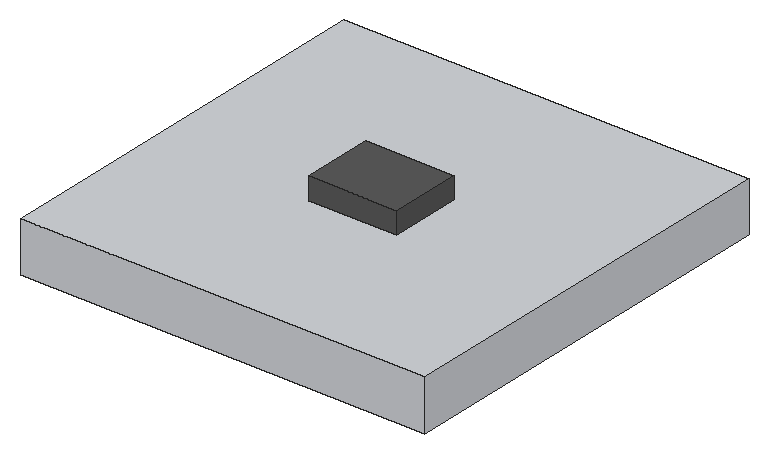
Revit family "r2018_videomax_urm_stoechnogo_ispolneniya", category Устройства связи, Revit 2018 (continued)
Definition of nested family "videomax_19 3U (3S, 3N)"
  Lines and regions (mm)
    model lines, visible <- "Back_500", detail levels fine
      curve 1445: circle (1626.001, 69.672, 0) r 1.92 normal (0, 0, 1)
      curve 1446: circle (1629.18, 65.627, 0) r 1.92 normal (0, 0, 1)
      curve 1447: circle (1625.896, 61.622, 0) r 1.92 normal (0, 0, 1)
      curve 1448: circle (1629.303, 57.55, 0) r 1.92 normal (0, 0, 1)
      curve 1449: circle (1626.002, 53.525, 0) r 1.92 normal (0, 0, 1)
      curve 1450: circle (1629.257, 49.514, 0) r 1.92 normal (0, 0, 1)
      curve 1451: circle (1625.806, 45.474, 0) r 1.92 normal (0, 0, 1)
      curve 1452: circle (1629.152, 41.389, 0) r 1.92 normal (0, 0, 1)
      curve 1453: circle (1625.972, 37.363, 0) r 1.92 normal (0, 0, 1)
      curve 1454: circle (1629.228, 33.335, 0) r 1.92 normal (0, 0, 1)
      curve 1455: circle (1625.897, 29.34, 0) r 1.92 normal (0, 0, 1)
      curve 1456: circle (1629.304, 25.253, 0) r 1.92 normal (0, 0, 1)
      curve 1457: circle (1646.308, 93.877, 0) r 1.92 normal (0, 0, 1)
      curve 1458: circle (1649.514, 89.858, 0) r 1.92 normal (0, 0, 1)
      curve 1459: circle (1646.296, 85.826, 0) r 1.92 normal (0, 0, 1)
      curve 1460: circle (1649.505, 81.791, 0) r 1.92 normal (0, 0, 1)
      curve 1461: circle (1646.086, 77.763, 0) r 1.92 normal (0, 0, 1)
      curve 1462: circle (1649.492, 73.707, 0) r 1.92 normal (0, 0, 1)
      curve 1463: circle (1646.282, 69.667, 0) r 1.92 normal (0, 0, 1)
      curve 1464: circle (1649.462, 65.622, 0) r 1.92 normal (0, 0, 1)
      curve 1465: circle (1646.177, 61.617, 0) r 1.92 normal (0, 0, 1)
      curve 1466: circle (1649.584, 57.544, 0) r 1.92 normal (0, 0, 1)
      curve 1467: circle (1646.283, 53.519, 0) r 1.92 normal (0, 0, 1)
      curve 1468: circle (1649.539, 49.509, 0) r 1.92 normal (0, 0, 1)
      curve 1469: circle (1646.088, 45.469, 0) r 1.92 normal (0, 0, 1)
      curve 1470: circle (1649.433, 41.383, 0) r 1.92 normal (0, 0, 1)
      curve 1471: circle (1646.254, 37.357, 0) r 1.92 normal (0, 0, 1)
      curve 1472: circle (1649.509, 33.329, 0) r 1.92 normal (0, 0, 1)
      curve 1473: circle (1646.178, 29.335, 0) r 1.92 normal (0, 0, 1)
      curve 1474: circle (1649.585, 25.248, 0) r 1.92 normal (0, 0, 1)
      curve 1475: circle (1666.559, 93.871, 0) r 1.92 normal (0, 0, 1)
      curve 1476: circle (1669.765, 89.852, 0) r 1.92 normal (0, 0, 1)
      curve 1477: circle (1666.547, 85.82, 0) r 1.92 normal (0, 0, 1)
      curve 1478: circle (1669.757, 81.785, 0) r 1.92 normal (0, 0, 1)
      curve 1479: circle (1666.337, 77.756, 0) r 1.92 normal (0, 0, 1)
      curve 1480: circle (1669.743, 73.701, 0) r 1.92 normal (0, 0, 1)
      curve 1481: circle (1666.533, 69.66, 0) r 1.92 normal (0, 0, 1)
      curve 1482: circle (1669.713, 65.615, 0) r 1.92 normal (0, 0, 1)
      curve 1483: circle (1666.428, 61.61, 0) r 1.92 normal (0, 0, 1)
      curve 1484: circle (1669.835, 57.538, 0) r 1.92 normal (0, 0, 1)
      curve 1485: circle (1666.534, 53.513, 0) r 1.92 normal (0, 0, 1)
      curve 1486: circle (1669.79, 49.502, 0) r 1.92 normal (0, 0, 1)
      curve 1487: circle (1666.339, 45.462, 0) r 1.92 normal (0, 0, 1)
      curve 1488: circle (1669.685, 41.377, 0) r 1.92 normal (0, 0, 1)
      curve 1489: circle (1666.505, 37.351, 0) r 1.92 normal (0, 0, 1)
      curve 1490: circle (1669.761, 33.323, 0) r 1.92 normal (0, 0, 1)
      curve 1491: circle (1666.43, 29.328, 0) r 1.92 normal (0, 0, 1)
      curve 1492: circle (1669.836, 25.241, 0) r 1.92 normal (0, 0, 1)
      curve 1493: arc (1381.701, 73.641, 0) -> (1379.511, 71.878, 0) -> (1377.528, 73.871, 0) r 2.101
      curve 1494: arc (1377.53, 84.845, 0) -> (1379.614, 86.899, 0) -> (1381.697, 84.845, 0) r 2.084
      curve 1495: line (1489.028, 14.793, 0) -> (1489.028, 6.225, 0)
      curve 1496: line (1489.028, 6.225, 0) -> (1504.497, 6.225, 0)
      curve 1497: line (1504.497, 6.225, 0) -> (1504.497, 14.793, 0)
      curve 1498: line (1504.497, 14.793, 0) -> (1499.71, 14.793, 0)
      curve 1499: line (1499.71, 14.793, 0) -> (1499.71, 16.279, 0)
      curve 1500: line (1499.71, 16.279, 0) -> (1493.69, 16.279, 0)
      curve 1501: line (1493.69, 16.279, 0) -> (1493.69, 14.793, 0)
      curve 1502: line (1493.69, 14.793, 0) -> (1489.028, 14.793, 0)
      curve 1503: line (1507.815, 14.793, 0) -> (1507.815, 6.225, 0)
      curve 1504: line (1507.815, 6.225, 0) -> (1523.285, 6.225, 0)
      curve 1505: line (1523.285, 6.225, 0) -> (1523.285, 14.793, 0)
      curve 1506: line (1523.285, 14.793, 0) -> (1518.498, 14.793, 0)
      curve 1507: line (1518.498, 14.793, 0) -> (1518.498, 16.279, 0)
      curve 1508: line (1518.498, 16.279, 0) -> (1512.478, 16.279, 0)
      curve 1509: line (1512.478, 16.279, 0) -> (1512.478, 14.793, 0)
      curve 1510: line (1512.478, 14.793, 0) -> (1507.815, 14.793, 0)
      curve 1511: line (1463.216, 13.528, 0) -> (1476.376, 13.528, 0)
      curve 1512: line (1477.062, 12.526, 0) -> (1476.421, 7.351, 0)
      curve 1513: line (1475.437, 6.495, 0) -> (1464.358, 6.495, 0)
      curve 1514: line (1463.335, 7.34, 0) -> (1462.424, 12.382, 0)
      curve 1515: line (1426.949, 13.528, 0) -> (1440.109, 13.528, 0)
      curve 1516: line (1440.795, 12.526, 0) -> (1440.154, 7.351, 0)
      curve 1517: line (1439.17, 6.495, 0) -> (1428.091, 6.495, 0)
      curve 1518: line (1427.068, 7.34, 0) -> (1426.157, 12.382, 0)
      curve 1519: line (1402.819, 15.464, 0) -> (1416.888, 15.464, 0)
      curve 1520: line (1416.888, 15.464, 0) -> (1416.888, 21.738, 0)
      curve 1521: line (1416.888, 21.738, 0) -> (1402.819, 21.738, 0)
      curve 1522: line (1402.819, 21.738, 0) -> (1402.819, 15.464, 0)
      curve 1523: line (1402.819, 6.783, 0) -> (1416.888, 6.783, 0)
      curve 1524: line (1416.888, 6.783, 0) -> (1416.888, 13.057, 0)
      curve 1525: line (1416.888, 13.057, 0) -> (1402.819, 13.057, 0)
      curve 1526: line (1402.819, 13.057, 0) -> (1402.819, 6.783, 0)
      curve 1527: line (1404.91, 17.873, 0) -> (1414.797, 17.873, 0)
      curve 1528: line (1404.91, 9.191, 0) -> (1414.797, 9.191, 0)
      curve 1529: line (1433.257, 31.667, 0) -> (1470.027, 31.667, 0)
      curve 1530: line (1470.713, 30.665, 0) -> (1470.072, 25.49, 0)
      curve 1531: line (1469.088, 24.634, 0) -> (1434.399, 24.634, 0)
      curve 1532: line (1433.376, 25.479, 0) -> (1432.465, 30.521, 0)
      curve 1540: line (1304.864, -0.453, 0) -> (1328.67, -0.453, 0)
      curve 1541: line (1329.825, 0.565, 0) -> (1329.825, 10.715, 0)
      curve 1542: line (1329.466, 11.766, 0) -> (1328.344, 12.827, 0)
      curve 1543: line (1328.344, 12.827, 0) -> (1323.789, 16.79, 0)
      curve 1544: line (1323.789, 16.79, 0) -> (1308.715, 16.665, 0)
      curve 1545: line (1308.715, 16.665, 0) -> (1304.392, 11.99, 0)
      curve 1546: line (1303.828, 10.721, 0) -> (1303.828, 0.523, 0)
      curve 1547: line (1309.163, 7.691, 0) -> (1310.404, 7.691, 0)
      curve 1548: line (1310.404, 7.691, 0) -> (1310.404, 5.319, 0)
      curve 1549: line (1310.404, 5.319, 0) -> (1309.176, 5.319, 0)
      curve 1550: line (1309.176, 5.319, 0) -> (1309.163, 7.691, 0)
      curve 1551: line (1316.188, 11.833, 0) -> (1317.43, 11.833, 0)
      curve 1552: line (1317.43, 11.833, 0) -> (1317.43, 9.461, 0)
      curve 1553: line (1317.43, 9.461, 0) -> (1316.201, 9.461, 0)
      curve 1554: line (1316.201, 9.461, 0) -> (1316.188, 11.833, 0)
      curve 1555: line (1323.231, 7.691, 0) -> (1324.473, 7.691, 0)
      curve 1556: line (1324.473, 7.691, 0) -> (1324.473, 5.319, 0)
      curve 1557: line (1324.473, 5.319, 0) -> (1323.244, 5.319, 0)
      curve 1558: line (1323.244, 5.319, 0) -> (1323.231, 7.691, 0)
      curve 1559: line (1550.964, 70.303, 0) -> (1550.964, 57.143, 0)
      curve 1560: line (1549.961, 56.456, 0) -> (1544.787, 57.098, 0)
      curve 1561: line (1543.93, 58.081, 0) -> (1543.93, 69.16, 0)
      curve 1562: line (1544.775, 70.184, 0) -> (1549.817, 71.095, 0)
      curve 1563: line (1550.964, 35.371, 0) -> (1550.964, 22.211, 0)
      curve 1564: line (1549.961, 21.525, 0) -> (1544.787, 22.166, 0)
      curve 1565: line (1543.93, 23.15, 0) -> (1543.93, 34.229, 0)
      curve 1566: line (1544.775, 35.252, 0) -> (1549.817, 36.163, 0)
      curve 1567: line (1292.053, 92.916, 0) -> (1288.072, 96.897, 0)
      curve 1568: line (1288.072, 48.061, 0) -> (1292.053, 52.042, 0)
      curve 1569: line (1302.919, 82.049, 0) -> (1299.86, 85.108, 0)
      curve 1570: line (1299.86, 59.85, 0) -> (1302.919, 62.909, 0)
      curve 1571: line (1298.095, 86.873, 0) -> (1294.111, 90.858, 0)
      curve 1572: line (1294.11, 54.1, 0) -> (1298.095, 58.085, 0)
      curve 1573: line (1336.766, 92.916, 0) -> (1340.747, 96.897, 0)
      curve 1574: line (1340.747, 48.061, 0) -> (1336.766, 52.042, 0)
      curve 1575: line (1325.9, 82.049, 0) -> (1328.959, 85.108, 0)
      curve 1576: line (1328.959, 59.85, 0) -> (1325.9, 62.909, 0)
      curve 1577: line (1330.724, 86.873, 0) -> (1334.708, 90.858, 0)
      curve 1578: line (1334.708, 54.1, 0) -> (1330.724, 58.085, 0)
      curve 1579: line (1334.846, 50.122, 0) -> (1338.827, 46.141, 0)
      curve 1580: line (1289.992, 46.141, 0) -> (1293.973, 50.122, 0)
      curve 1581: line (1323.98, 60.989, 0) -> (1327.039, 57.93, 0)
      curve 1582: line (1301.78, 57.929, 0) -> (1304.839, 60.988, 0)
      curve 1583: line (1328.803, 56.165, 0) -> (1332.788, 52.18, 0)
      curve 1584: line (1296.031, 52.18, 0) -> (1300.016, 56.165, 0)
      curve 1585: line (1334.846, 94.836, 0) -> (1338.827, 98.817, 0)
      curve 1586: line (1289.992, 98.817, 0) -> (1293.973, 94.836, 0)
      curve 1587: line (1323.98, 83.969, 0) -> (1327.039, 87.028, 0)
      curve 1588: line (1301.78, 87.029, 0) -> (1304.839, 83.969, 0)
      curve 1589: line (1328.803, 88.793, 0) -> (1332.788, 92.778, 0)
      curve 1590: line (1296.031, 92.778, 0) -> (1300.016, 88.793, 0)
      curve 1591: line (1479.364, 94.63, 0) -> (1476.854, 97.14, 0)
      curve 1592: line (1476.854, 66.356, 0) -> (1479.364, 68.866, 0)
      curve 1593: line (1486.214, 87.781, 0) -> (1484.285, 89.709, 0)
      curve 1594: line (1484.285, 73.787, 0) -> (1486.213, 75.716, 0)
      curve 1595: line (1483.173, 90.821, 0) -> (1480.661, 93.333, 0)
      curve 1596: line (1480.661, 70.163, 0) -> (1483.173, 72.675, 0)
      curve 1597: line (1507.549, 94.63, 0) -> (1510.059, 97.14, 0)
      curve 1598: line (1510.059, 66.356, 0) -> (1507.549, 68.866, 0)
      curve 1599: line (1500.699, 87.781, 0) -> (1502.628, 89.709, 0)
      curve 1600: line (1502.628, 73.787, 0) -> (1500.699, 75.716, 0)
      curve 1601: line (1503.74, 90.821, 0) -> (1506.252, 93.333, 0)
      curve 1602: line (1506.252, 70.163, 0) -> (1503.74, 72.675, 0)
      curve 1603: line (1506.339, 67.656, 0) -> (1508.848, 65.146, 0)
      curve 1604: line (1478.065, 65.146, 0) -> (1480.574, 67.655, 0)
      curve 1605: line (1499.489, 74.505, 0) -> (1501.417, 72.577, 0)
      curve 1606: line (1485.496, 72.577, 0) -> (1487.424, 74.505, 0)
      curve 1607: line (1502.53, 71.464, 0) -> (1505.042, 68.953, 0)
      curve 1608: line (1481.871, 68.953, 0) -> (1484.383, 71.464, 0)
      curve 1609: line (1506.339, 95.841, 0) -> (1508.848, 98.35, 0)
      curve 1610: line (1478.065, 98.35, 0) -> (1480.574, 95.841, 0)
      curve 1611: line (1499.489, 88.991, 0) -> (1501.417, 90.919, 0)
      curve 1612: line (1485.496, 90.919, 0) -> (1487.424, 88.991, 0)
      curve 1613: line (1502.53, 92.032, 0) -> (1505.042, 94.543, 0)
      curve 1614: line (1481.871, 94.543, 0) -> (1484.383, 92.032, 0)
      curve 1618: line (1402.99, 94.42, 0) -> (1400.481, 96.929, 0)
      curve 1619: line (1400.481, 66.146, 0) -> (1402.99, 68.655, 0)
      curve 1620: line (1409.84, 87.57, 0) -> (1407.911, 89.498, 0)
      curve 1621: line (1407.911, 73.577, 0) -> (1409.84, 75.505, 0)
      curve 1622: line (1406.799, 90.611, 0) -> (1404.287, 93.123, 0)
      curve 1623: line (1404.287, 69.952, 0) -> (1406.799, 72.464, 0)
      curve 1624: line (1431.175, 94.42, 0) -> (1433.685, 96.929, 0)
      curve 1625: line (1433.685, 66.146, 0) -> (1431.175, 68.655, 0)
      curve 1626: line (1424.326, 87.57, 0) -> (1426.254, 89.498, 0)
      curve 1627: line (1426.254, 73.577, 0) -> (1424.326, 75.505, 0)
      curve 1628: line (1427.366, 90.611, 0) -> (1429.878, 93.123, 0)
      curve 1629: line (1429.878, 69.952, 0) -> (1427.366, 72.464, 0)
      curve 1630: line (1429.965, 67.445, 0) -> (1432.474, 64.935, 0)
      curve 1631: line (1401.691, 64.935, 0) -> (1404.201, 67.445, 0)
      curve 1632: line (1423.115, 74.295, 0) -> (1425.044, 72.366, 0)
      curve 1633: line (1409.122, 72.366, 0) -> (1411.05, 74.294, 0)
      curve 1634: line (1426.156, 71.254, 0) -> (1428.668, 68.742, 0)
      curve 1635: line (1405.498, 68.742, 0) -> (1408.01, 71.254, 0)
      curve 1636: line (1429.965, 95.63, 0) -> (1432.474, 98.139, 0)
      curve 1637: line (1401.691, 98.14, 0) -> (1404.201, 95.63, 0)
      curve 1638: line (1423.115, 88.78, 0) -> (1425.044, 90.709, 0)
      curve 1639: line (1409.122, 90.709, 0) -> (1411.05, 88.78, 0)
      curve 1640: line (1426.156, 91.821, 0) -> (1428.668, 94.333, 0)
      curve 1641: line (1405.498, 94.333, 0) -> (1408.01, 91.821, 0)
      curve 1666: line (1375.205, 90.188, 0) -> (1383.739, 90.188, 0)
      curve 1667: line (1383.739, 90.188, 0) -> (1383.739, 69.186, 0)
      curve 1668: line (1383.739, 69.186, 0) -> (1375.141, 69.186, 0)
      curve 1669: line (1375.141, 69.186, 0) -> (1375.205, 90.188, 0)
      curve 1670: line (1381.701, 84.845, 0) -> (1381.701, 73.641, 0)
      curve 1671: line (1377.528, 73.871, 0) -> (1377.528, 84.845, 0)
    model lines, visible <- "Back", detail levels fine
      curve 506: arc (-144.844, 28.632, 0) -> (-142.956, 27.948, 0) -> (-142.117, 26.124, 0) r 2.602
      curve 507: arc (-142.117, 7.501, 0) -> (-142.907, 5.594, 0) -> (-144.813, 4.805, 0) r 2.696
      curve 508: arc (-170.95, 4.805, 0) -> (-172.588, 5.537, 0) -> (-173.321, 7.176, 0) r 2.514
      curve 509: arc (-173.321, 26.257, 0) -> (-172.654, 27.908, 0) -> (-171.027, 28.632, 0) r 2.376
      curve 1065: line (-99.105, 54.438, 0) -> (60.448, 54.438, 0)
      curve 1066: line (60.448, 54.438, 0) -> (60.448, 7.773, 0)
      curve 1067: line (-99.105, 7.773, 0) -> (-99.105, 54.438, 0)
      curve 1068: line (-171.027, 28.632, 0) -> (-144.844, 28.632, 0)
      curve 1069: line (-142.117, 26.124, 0) -> (-142.117, 7.501, 0)
      curve 1070: line (-144.813, 4.805, 0) -> (-170.95, 4.805, 0)
      curve 1071: line (-173.321, 7.176, 0) -> (-173.321, 26.257, 0)
      curve 1147: line (51.195, 119.571, 0) -> (51.195, 59.944, 0)
      curve 1148: line (51.195, 59.944, 0) -> (-13.269, 59.944, 0)
      curve 1149: line (-13.269, 59.944, 0) -> (-13.269, 119.571, 0)
      curve 1174: line (-25.385, 119.571, 0) -> (-25.385, 59.971, 0)
      curve 1175: line (-25.385, 59.971, 0) -> (-89.849, 59.971, 0)
      curve 1176: line (-89.849, 59.971, 0) -> (-89.849, 119.571, 0)
      curve 1177: line (79.083, 119.571, 0) -> (79.083, 18.792, 0)
      curve 1178: line (79.083, 18.792, 0) -> (66.441, 18.792, 0)
      curve 1179: line (66.441, 18.792, 0) -> (66.441, 119.571, 0)
      curve 1180: line (99.317, 119.571, 0) -> (99.317, 18.816, 0)
      curve 1181: line (99.317, 18.816, 0) -> (86.675, 18.816, 0)
      curve 1182: line (86.675, 18.816, 0) -> (86.675, 119.571, 0)
      curve 1183: line (119.615, 119.571, 0) -> (119.615, 18.8, 0)
      curve 1184: line (119.615, 18.8, 0) -> (106.973, 18.8, 0)
      curve 1185: line (106.973, 18.8, 0) -> (106.973, 119.571, 0)
      curve 1186: line (139.902, 119.571, 0) -> (139.902, 18.776, 0)
      curve 1187: line (139.902, 18.776, 0) -> (127.26, 18.776, 0)
      curve 1188: line (127.26, 18.776, 0) -> (127.26, 119.571, 0)
      curve 1189: line (160.169, 119.571, 0) -> (160.169, 18.801, 0)
      curve 1190: line (160.169, 18.801, 0) -> (147.527, 18.801, 0)
      curve 1191: line (147.527, 18.801, 0) -> (147.527, 119.571, 0)
      curve 1192: line (180.451, 119.571, 0) -> (180.451, 18.795, 0)
      curve 1193: line (180.451, 18.795, 0) -> (167.808, 18.795, 0)
      curve 1194: line (167.808, 18.795, 0) -> (167.808, 119.571, 0)
      curve 1195: line (200.702, 119.571, 0) -> (200.702, 18.789, 0)
      curve 1196: line (200.702, 18.789, 0) -> (188.06, 18.789, 0)
      curve 1197: line (188.06, 18.789, 0) -> (188.06, 119.571, 0)
      curve 1204: line (-105.682, 119.571, 0) -> (207.828, 119.571, 0)
      curve 1205: line (207.828, 119.571, 0) -> (207.828, 7.773, 0)
      curve 1206: line (207.828, 7.773, 0) -> (-105.682, 7.773, 0)
      curve 1207: line (-105.682, 7.773, 0) -> (-105.682, 119.571, 0)
      curve 1208: line (215, 0, 0) -> (215, 132.999, 0)
      curve 1209: line (215, 132.999, 0) -> (-215, 132.999, 0)
      curve 1210: line (-215, 132.999, 0) -> (-215, 0, 0)
      curve 1211: line (-215, 0, 0) -> (215, 0, 0)
      curve 1233: arc (1329.757, 20.485, 0) -> (1331.645, 19.802, 0) -> (1332.484, 17.978, 0) r 2.602
      curve 1234: arc (1332.484, -0.645, 0) -> (1331.694, -2.552, 0) -> (1329.788, -3.341, 0) r 2.696
      curve 1235: arc (1303.652, -3.341, 0) -> (1302.013, -2.609, 0) -> (1301.281, -0.97, 0) r 2.514
      curve 1236: arc (1301.281, 18.111, 0) -> (1301.948, 19.762, 0) -> (1303.574, 20.485, 0) r 2.376
      curve 1533: line (1375.496, 46.292, 0) -> (1535.049, 46.292, 0)
      curve 1534: line (1535.049, 46.292, 0) -> (1535.049, -0.373, 0)
      curve 1535: line (1375.496, -0.373, 0) -> (1375.496, 46.292, 0)
      curve 1536: line (1303.574, 20.485, 0) -> (1329.757, 20.485, 0)
      curve 1537: line (1332.484, 17.978, 0) -> (1332.484, -0.645, 0)
      curve 1538: line (1329.788, -3.341, 0) -> (1303.652, -3.341, 0)
      curve 1539: line (1301.281, -0.97, 0) -> (1301.281, 18.111, 0)
      curve 1615: line (1525.796, 111.425, 0) -> (1525.796, 51.798, 0)
      curve 1616: line (1525.796, 51.798, 0) -> (1461.332, 51.798, 0)
      curve 1617: line (1461.332, 51.798, 0) -> (1461.332, 111.425, 0)
      curve 1642: line (1449.216, 111.425, 0) -> (1449.216, 51.825, 0)
      curve 1643: line (1449.216, 51.825, 0) -> (1384.752, 51.825, 0)
      curve 1644: line (1384.752, 51.825, 0) -> (1384.752, 111.425, 0)
      curve 1645: line (1553.684, 111.425, 0) -> (1553.684, 10.645, 0)
      curve 1646: line (1553.684, 10.645, 0) -> (1541.042, 10.645, 0)
      curve 1647: line (1541.042, 10.645, 0) -> (1541.042, 111.425, 0)
      curve 1648: line (1573.918, 111.425, 0) -> (1573.918, 10.669, 0)
      curve 1649: line (1573.918, 10.669, 0) -> (1561.276, 10.669, 0)
      curve 1650: line (1561.276, 10.669, 0) -> (1561.276, 111.425, 0)
      curve 1651: line (1594.217, 111.425, 0) -> (1594.217, 10.654, 0)
      curve 1652: line (1594.217, 10.654, 0) -> (1581.574, 10.654, 0)
      curve 1653: line (1581.574, 10.654, 0) -> (1581.574, 111.425, 0)
      curve 1654: line (1614.503, 111.425, 0) -> (1614.503, 10.63, 0)
      curve 1655: line (1614.503, 10.63, 0) -> (1601.861, 10.63, 0)
      curve 1656: line (1601.861, 10.63, 0) -> (1601.861, 111.425, 0)
      curve 1657: line (1634.771, 111.425, 0) -> (1634.771, 10.655, 0)
      curve 1658: line (1634.771, 10.655, 0) -> (1622.128, 10.655, 0)
      curve 1659: line (1622.128, 10.655, 0) -> (1622.128, 111.425, 0)
      curve 1660: line (1655.052, 111.425, 0) -> (1655.052, 10.649, 0)
      curve 1661: line (1655.052, 10.649, 0) -> (1642.41, 10.649, 0)
      curve 1662: line (1642.41, 10.649, 0) -> (1642.41, 111.425, 0)
      curve 1663: line (1675.303, 111.425, 0) -> (1675.303, 10.643, 0)
      curve 1664: line (1675.303, 10.643, 0) -> (1662.661, 10.643, 0)
      curve 1665: line (1662.661, 10.643, 0) -> (1662.661, 111.425, 0)
      curve 1672: line (1368.919, 111.425, 0) -> (1682.429, 111.425, 0)
      curve 1673: line (1682.429, 111.425, 0) -> (1682.429, -0.373, 0)
      curve 1674: line (1682.429, -0.373, 0) -> (1368.919, -0.373, 0)
      curve 1675: line (1368.919, -0.373, 0) -> (1368.919, 111.425, 0)
      curve 1676: line (1689.601, -8.146, 0) -> (1689.601, 124.853, 0)
      curve 1677: line (1689.601, 124.853, 0) -> (1259.601, 124.853, 0)
      curve 1678: line (1259.601, 124.853, 0) -> (1259.601, -8.146, 0)
      curve 1679: line (1259.601, -8.146, 0) -> (1689.601, -8.146, 0)
  Dimensions and locks
    curve 1001 to plane 3 "По центру (Влево/Вправо)" to curve 1006 = 215 mm, 215 mm
    aligned and locked: level to plane 2
Types (3, lengths in mm): name | Указания по монтажу | Минимальная глубина шкафа, мм | Изображение типоразмера | Ширина | Глубина | Высота в U | Высота | Front | Back | ADSK_Обозначение | ADSK_Наименование | 4_300 | 3_300 | 2_300 | 19” 4U (4A) | 19” 3U (3S) | 19” 2U (2S)
  19” 2U (2S) | "Для монтажа использовать 19” салазки. Изделие комплектуется салазками SR20 либо SR26. Параметры SR20: расстояние между профилями 488 - 546 мм, габариты в сложенном состоянии 500 мм, параметры SR26: расстояние между профилями 572 - 672 мм, габариты в сложенном состоянии 650 мм." | 600 | 19 (2U.2S).png | 427 | 430 | 2 | 88 | videomax_OPS-SKUD_stoechnogo : Front | videomax_OPS-SKUD_stoechnogo : Back | "19” 2U (2S)" | "УРМ стоечного исполнения 19” 2U (2S)" | no | no | yes | no | no | yes
  19” 4U (4A) | "Для монтажа использовать комплектные 19” салазки с параметрами: расстояние между профилями 488 - 546 мм, габариты в сложенном состоянии 500 мм" | 600 | 19 4U (4A).jpg | 430 | 450 | 4 | 176 | videomax_19 4U (4A) : Front | videomax_19 4U (4A) : Back | "19” 4U (4A)" | "УРМ стоечного исполнения 19” 4U (4A)" | yes | no | no | yes | no | no
  19” 3U (3S) | "Для монтажа использовать комплектные 19” салазки SR26 с параметрами: расстояние между профилями 572 - 672 мм, габариты в сложенном состоянии 650 мм." | 800 | 19 (3U.3S).png | 430 | 530 | 3 | 133 | videomax_19 3U (3S, 3N) : Front | videomax_19 3U (3S, 3N) : Back | "19” 3U (3S)" | "УРМ стоечного исполнения 19” 3U (3S)" | no | yes | no | no | yes | no
